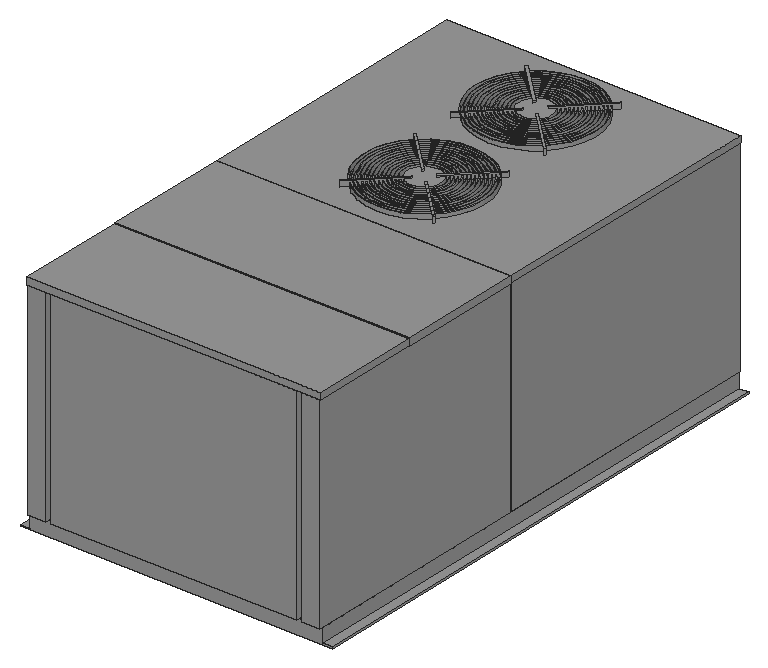
Revit family "CU-4", category Mechanical Equipment, host Face, Revit 2025
Family settings
  Host = Face
  Round Connector Dimension = Use Diameter
  Classification = None
  Part Type = Normal
  Cut with Voids When Loaded = No
  Maintain Annotation Orientation = No
  Shared = No
  Room Calculation Point = No
Parameters (values of type "MAC8X")
  x = 18.000"
  Width = 44.160"
  URL = "https://assets.heatcraftrpd.com/literature/installation-and-operation-manual/other/current/H-IM-67H.pdf"
  Model = "MAC 8X"
  Material = Aluminum 1100-O
  Manufacturer = "BOHN"
  Length = 78.780"
  Grill Material = Steel, Paint Finish, Dark Gray
  Default Elevation = 48.000"
Reference planes (in)
  plane 1 "Center (Front/Back)": y = 0
  plane 2: z = 0
  plane 3 "Center (Left/Right)": x = 0
  plane 4: z = 33.19
  plane 5: y = -3.63
  plane 6: z = 34.19
  plane 7: y = -22.93
  plane 8: y = 37.65625
  plane 9: x = -42.34375
  plane 10: x = -41.03125
  plane 11: x = -31.02125
  plane 12: x = -31.52125
  plane 13: x = -32.02125
  plane 14: x = -32.52125
  plane 15: x = -33.02125
  plane 16: x = -33.52125
  plane 17: x = -34.02125
  plane 18: x = -34.52125
  plane 19: x = -35.02125
  plane 20: x = -35.52125
  plane 21: x = -36.02125
  plane 22: x = -36.52125
  plane 23: x = -37.02125
  plane 24: x = -14.71875
  plane 25: x = -16.03125
  plane 26: y = 51.46875
  plane 27: y = 50.15625
  plane 28: y = 23.84375
  plane 29: y = 25.15625
  plane 30: x = -28.53125
  plane 31: through (0, 28.57, 48) normal (0.7071, 0.7071, 0)
  plane 32: through (-8.71898, 39.38485, 90.315) normal (0.7071, -0.7071, 0)
  plane 33: through (-8.83883, 37.40883, 90.315) normal (-0.7071, 0.7071, 0)
  plane 34: through (-1.7607, 30.3307, 48) normal (-0.7071, 0.7071, 0)
  plane 35: through (-2.11425, 30.68425, 48) normal (-0.7071, 0.7071, 0)
  plane 36: through (-2.4678, 31.0378, 48) normal (-0.7071, 0.7071, 0)
  plane 37: through (-2.82136, 31.39136, 48) normal (-0.7071, 0.7071, 0)
  plane 38: through (-3.17491, 31.74491, 48) normal (-0.7071, 0.7071, 0)
  plane 39: through (-3.52846, 32.09846, 48) normal (-0.7071, 0.7071, 0)
  plane 40: through (-3.88202, 32.45202, 48) normal (-0.7071, 0.7071, 0)
  plane 41: through (-4.23557, 32.80557, 48) normal (-0.7071, 0.7071, 0)
  plane 42: through (-4.58912, 33.15912, 48) normal (-0.7071, 0.7071, 0)
  plane 43: through (-4.94268, 33.51268, 48) normal (-0.7071, 0.7071, 0)
  plane 44: through (-5.29623, 33.86623, 48) normal (-0.7071, 0.7071, 0)
  plane 45: through (-5.64978, 34.21978, 48) normal (-0.7071, 0.7071, 0)
  plane 46: through (-6.00334, 34.57334, 48) normal (-0.7071, 0.7071, 0)
  plane 47: through (10.81485, 19.85102, 90.315) normal (0.7071, -0.7071, 0)
  plane 48: through (8.83883, 19.73117, 90.315) normal (-0.7071, 0.7071, 0)
  plane 49: through (8.71898, 39.38485, 90.315) normal (0.7071, 0.7071, 0)
  plane 50: through (8.83883, 37.40883, 90.315) normal (-0.7071, -0.7071, 0)
  plane 51: through (-10.81485, 19.85102, 90.315) normal (0.7071, 0.7071, 0)
  plane 52: through (-8.83883, 19.73117, 90.315) normal (-0.7071, -0.7071, 0)
  plane 53: through (7.07107, 35.64107, 48) normal (0.7071, -0.7071, 0)
  plane 54: through (0, 7.65693, 48) normal (0.7071, 0.7071, 0)
  plane 55: through (-8.71898, 18.47178, 90.315) normal (0.7071, -0.7071, 0)
  plane 56: through (-8.83883, 16.49577, 90.315) normal (-0.7071, 0.7071, 0)
  plane 57: through (-1.7607, 9.41763, 48) normal (-0.7071, 0.7071, 0)
  plane 58: through (-2.11425, 9.77118, 48) normal (-0.7071, 0.7071, 0)
  plane 59: through (-2.4678, 10.12474, 48) normal (-0.7071, 0.7071, 0)
  plane 60: through (-2.82136, 10.47829, 48) normal (-0.7071, 0.7071, 0)
  plane 61: through (-3.17491, 10.83184, 48) normal (-0.7071, 0.7071, 0)
  plane 62: through (-3.52846, 11.1854, 48) normal (-0.7071, 0.7071, 0)
  plane 63: through (-3.88202, 11.53895, 48) normal (-0.7071, 0.7071, 0)
  plane 64: through (-4.23557, 11.8925, 48) normal (-0.7071, 0.7071, 0)
  plane 65: through (-4.58912, 12.24606, 48) normal (-0.7071, 0.7071, 0)
  plane 66: through (-4.94268, 12.59961, 48) normal (-0.7071, 0.7071, 0)
  plane 67: through (-5.29623, 12.95316, 48) normal (-0.7071, 0.7071, 0)
  plane 68: through (-5.64978, 13.30672, 48) normal (-0.7071, 0.7071, 0)
  plane 69: through (-6.00334, 13.66027, 48) normal (-0.7071, 0.7071, 0)
  plane 70: through (10.81485, -1.06204, 90.315) normal (0.7071, -0.7071, 0)
  plane 71: through (8.83883, -1.1819, 90.315) normal (-0.7071, 0.7071, 0)
  plane 72: through (8.71898, 18.47178, 90.315) normal (0.7071, 0.7071, 0)
  plane 73: through (8.83883, 16.49577, 90.315) normal (-0.7071, -0.7071, 0)
  plane 74: through (-10.81485, -1.06204, 90.315) normal (0.7071, 0.7071, 0)
  plane 75: through (-8.83883, -1.1819, 90.315) normal (-0.7071, -0.7071, 0)
  plane 76: through (7.07107, 14.728, 48) normal (0.7071, -0.7071, 0)
  plane 77: y = 0
Forms (in)
  Extrusion 1, solid, material "Aluminum 1100-O" <- "Material"
    sketch origin (0, 0, 0) x (1, 0, 0) y (0, 0, 1)
      loop
        line (21.93, 2.3) -> (-21.93, 2.3) -> (-21.93, 0.2) -> (-23.43, 0.2) -> (-23.43, 0) -> (23.43, 0) -> (23.43, 0.2) -> (21.93, 0.2) -> (21.93, 2.3)
    from -39.19 to 38.89
  Extrusion 2, solid, material "Aluminum 1100-O" <- "Material"
    sketch origin (-11, 0, 0) x (1, 0, 0) y (0, 1, 0)
      loop
        line (-8.23, -3.63) -> (-10.93, -3.63) -> (-10.93, -39.39) -> (-8.23, -39.39) -> (-8.23, -3.63)
    from 2.3 to 33.19
  Extrusion 3, solid, material "Aluminum 1100-O" <- "Material"
    sketch origin (30.16, 0, 0) x (1, 0, 0) y (0, 1, 0)
      loop
        line (-8.23, -3.63) -> (-10.93, -3.63) -> (-10.93, -39.39) -> (-8.23, -39.39) -> (-8.23, -3.63)
    from 2.3 to 33.19
  Extrusion 4, solid, material "Aluminum 1100-O" <- "Material"
    sketch origin (4, 46.5, 0) x (1, 0, 0) y (0, 1, 0)
      loop
        line (14.5, -7.11) -> (-22.5, -7.11) -> (-22.5, -85.89) -> (14.5, -85.89) -> (14.5, -7.11)
    from 2.3 to 33.19
  Extrusion 5, solid, material "Aluminum 1100-O" <- "Material"
    sketch origin (30.16, 43.25, 0) x (1, 0, 0) y (0, 1, 0)
      loop
        line (-8.23, -3.86) -> (-10.93, -3.86) -> (-10.93, -46.49146) -> (-8.23, -46.49146) -> (-8.23, -3.86)
    from 2.3 to 33.19
  Extrusion 6, solid, material "Aluminum 1100-O" <- "Material"
    sketch origin (-11.09, 43.25, 0) x (1, 0, 0) y (0, 1, 0)
      loop
        line (-8.14, -3.86) -> (-10.84, -3.86) -> (-10.84, -46.49146) -> (-8.14, -46.49146) -> (-8.14, -3.86)
    from 2.3 to 33.19
  Extrusion 7, solid, material "Aluminum 1100-O" <- "Material"
    sketch origin (0, 0, 0) x (1, 0, 0) y (0, 1, 0)
      loop
        line (-22.08, 39.39) -> (-22.08, -3.63) -> (22.08, -3.63) -> (22.08, 39.39) -> (-22.08, 39.39)
    from 33.19 to 34.19
  Extrusion 8, solid, material "Aluminum 1100-O" <- "Material"
    sketch origin (0, -43.02, 0) x (1, 0, 0) y (0, 1, 0)
      loop
        line (-22.08, 20.09) -> (-22.08, 3.63) -> (22.08, 3.63) -> (22.08, 20.09) -> (-22.08, 20.09)
    from 33.19 to 34.19
  Extrusion 9, solid, material "Steel, Paint Finish, Dark Gray" <- "Grill Material", not visible
    sketch origin (0, 0, 54.625) x (1, 0, 0) y (0, 1, 0)
      loop
        circle (-28.53125, 37.65625) r 2.49
      loop
        circle (-28.53125, 37.65625) r 3
      loop
        circle (-28.53125, 37.65625) r 3.49
      loop
        circle (-28.53125, 37.65625) r 3.99
      loop
        circle (-28.53125, 37.65625) r 4.49
      loop
        circle (-28.53125, 37.65625) r 4.99
      loop
        circle (-28.53125, 37.65625) r 5.49
      loop
        circle (-28.53125, 37.65625) r 5.99
      loop
        circle (-28.53125, 37.65625) r 6.49
      loop
        circle (-28.53125, 37.65625) r 6.99
      loop
        circle (-28.53125, 37.65625) r 7.49
      loop
        circle (-28.53125, 37.65625) r 7.99
      loop
        circle (-28.53125, 37.65625) r 8.49
      loop
        circle (-28.53125, 37.65625) r 8.99
      loop
        circle (-28.53125, 37.65625) r 3.43
      loop
        circle (-28.53125, 37.65625) r 3.93
      loop
        circle (-28.53125, 37.65625) r 4.43
      loop
        circle (-28.53125, 37.65625) r 4.93
      loop
        circle (-28.53125, 37.65625) r 5.43
      loop
        circle (-28.53125, 37.65625) r 5.93
      loop
        circle (-28.53125, 37.65625) r 6.43
      loop
        circle (-28.53125, 37.65625) r 6.93
      loop
        circle (-28.53125, 37.65625) r 7.43
      loop
        circle (-28.53125, 37.65625) r 7.93
      loop
        circle (-28.53125, 37.65625) r 8.43
      loop
        circle (-28.53125, 37.65625) r 8.93
      loop
        circle (-28.53125, 37.65625) r 2.94
    from 0 to 0.625
  Extrusion 10, solid, material "Steel, Paint Finish, Dark Gray" <- "Grill Material", not visible
    sketch origin (0, 0, 55.75) x (1, 0, 0) y (0, 1, 0)
      loop
        line (-38.53125, 37.78125) -> (-38.53125, 37.53125) -> (-30.02125, 37.53125) -> (-30.02125, 37.78125) -> (-38.53125, 37.78125)
    from -1.125 to -0.3427
  Extrusion 11, solid, material "Steel, Paint Finish, Dark Gray" <- "Grill Material", not visible
    sketch origin (-57.0625, 0, 55.75) x (-1, 0, 0) y (0, -1, 0)
      loop
        line (-38.53125, -37.78125) -> (-30.02125, -37.78125) -> (-30.02125, -37.53125) -> (-38.53125, -37.53125) -> (-38.53125, -37.78125)
    from -1.125 to -0.3427
  Extrusion 12, solid, material "Steel, Paint Finish, Dark Gray" <- "Grill Material", not visible
    sketch origin (9.125, 9.125, 55.75) x (0, -1, 0) y (1, 0, 0)
      loop
        line (-38.53125, -37.78125) -> (-30.02125, -37.78125) -> (-30.02125, -37.53125) -> (-38.53125, -37.53125) -> (-38.53125, -37.78125)
    from -1.125 to -0.3427
  Extrusion 13, solid, material "Steel, Paint Finish, Dark Gray" <- "Grill Material", not visible
    sketch origin (9.125, 66.1875, 55.75) x (0, 1, 0) y (-1, 0, 0)
      loop
        line (-38.53125, 37.78125) -> (-38.53125, 37.53125) -> (-30.02125, 37.53125) -> (-30.02125, 37.78125) -> (-38.53125, 37.78125)
    from -1.125 to -0.3427
  Extrusion 14, solid, material "Steel, Paint Finish, Dark Gray" <- "Grill Material"
    sketch origin (-6.45235, -18.23163, 34.19) x (0.707107, -0.707107, 0) y (0.707107, 0.707107, 0)
      loop
        circle (-28.53125, 37.65625) r 2.49
      loop
        circle (-28.53125, 37.65625) r 3
      loop
        circle (-28.53125, 37.65625) r 3.49
      loop
        circle (-28.53125, 37.65625) r 3.99
      loop
        circle (-28.53125, 37.65625) r 4.49
      loop
        circle (-28.53125, 37.65625) r 4.99
      loop
        circle (-28.53125, 37.65625) r 5.49
      loop
        circle (-28.53125, 37.65625) r 5.99
      loop
        circle (-28.53125, 37.65625) r 6.49
      loop
        circle (-28.53125, 37.65625) r 6.99
      loop
        circle (-28.53125, 37.65625) r 7.49
      loop
        circle (-28.53125, 37.65625) r 7.99
      loop
        circle (-28.53125, 37.65625) r 8.49
      loop
        circle (-28.53125, 37.65625) r 8.99
      loop
        circle (-28.53125, 37.65625) r 3.43
      loop
        circle (-28.53125, 37.65625) r 3.93
      loop
        circle (-28.53125, 37.65625) r 4.43
      loop
        circle (-28.53125, 37.65625) r 4.93
      loop
        circle (-28.53125, 37.65625) r 5.43
      loop
        circle (-28.53125, 37.65625) r 5.93
      loop
        circle (-28.53125, 37.65625) r 6.43
      loop
        circle (-28.53125, 37.65625) r 6.93
      loop
        circle (-28.53125, 37.65625) r 7.43
      loop
        circle (-28.53125, 37.65625) r 7.93
      loop
        circle (-28.53125, 37.65625) r 8.43
      loop
        circle (-28.53125, 37.65625) r 8.93
      loop
        circle (-28.53125, 37.65625) r 2.94
    from 0 to 0.625
  Extrusion 15, solid, material "Steel, Paint Finish, Dark Gray" <- "Grill Material"
    sketch origin (-6.45235, -18.23163, 35.315) x (0.707107, -0.707107, 0) y (0.707107, 0.707107, 0)
      loop
        line (-38.53125, 37.78125) -> (-38.53125, 37.53125) -> (-30.02125, 37.53125) -> (-30.02125, 37.78125) -> (-38.53125, 37.78125)
    from -1.125 to -0.3427
  Extrusion 16, solid, material "Steel, Paint Finish, Dark Gray" <- "Grill Material"
    sketch origin (-46.80163, 22.11765, 35.315) x (-0.707107, 0.707107, 0) y (-0.707107, -0.707107, 0)
      loop
        line (-38.53125, -37.78125) -> (-30.02125, -37.78125) -> (-30.02125, -37.53125) -> (-38.53125, -37.53125) -> (-38.53125, -37.78125)
    from -1.125 to -0.3427
  Extrusion 17, solid, material "Steel, Paint Finish, Dark Gray" <- "Grill Material"
    sketch origin (6.45235, -18.23163, 35.315) x (-0.707107, -0.707107, 0) y (0.707107, -0.707107, 0)
      loop
        line (-38.53125, -37.78125) -> (-30.02125, -37.78125) -> (-30.02125, -37.53125) -> (-38.53125, -37.53125) -> (-38.53125, -37.78125)
    from -1.125 to -0.3427
  Extrusion 18, solid, material "Steel, Paint Finish, Dark Gray" <- "Grill Material"
    sketch origin (46.80163, 22.11765, 35.315) x (0.707107, 0.707107, 0) y (-0.707107, 0.707107, 0)
      loop
        line (-38.53125, 37.78125) -> (-38.53125, 37.53125) -> (-30.02125, 37.53125) -> (-30.02125, 37.78125) -> (-38.53125, 37.78125)
    from -1.125 to -0.3427
  Extrusion 19, solid, material "Steel, Paint Finish, Dark Gray" <- "Grill Material"
    sketch origin (-6.45235, -39.1447, 34.19) x (0.707107, -0.707107, 0) y (0.707107, 0.707107, 0)
      loop
        circle (-28.53125, 37.65625) r 2.49
      loop
        circle (-28.53125, 37.65625) r 3
      loop
        circle (-28.53125, 37.65625) r 3.49
      loop
        circle (-28.53125, 37.65625) r 3.99
      loop
        circle (-28.53125, 37.65625) r 4.49
      loop
        circle (-28.53125, 37.65625) r 4.99
      loop
        circle (-28.53125, 37.65625) r 5.49
      loop
        circle (-28.53125, 37.65625) r 5.99
      loop
        circle (-28.53125, 37.65625) r 6.49
      loop
        circle (-28.53125, 37.65625) r 6.99
      loop
        circle (-28.53125, 37.65625) r 7.49
      loop
        circle (-28.53125, 37.65625) r 7.99
      loop
        circle (-28.53125, 37.65625) r 8.49
      loop
        circle (-28.53125, 37.65625) r 8.99
      loop
        circle (-28.53125, 37.65625) r 3.43
      loop
        circle (-28.53125, 37.65625) r 3.93
      loop
        circle (-28.53125, 37.65625) r 4.43
      loop
        circle (-28.53125, 37.65625) r 4.93
      loop
        circle (-28.53125, 37.65625) r 5.43
      loop
        circle (-28.53125, 37.65625) r 5.93
      loop
        circle (-28.53125, 37.65625) r 6.43
      loop
        circle (-28.53125, 37.65625) r 6.93
      loop
        circle (-28.53125, 37.65625) r 7.43
      loop
        circle (-28.53125, 37.65625) r 7.93
      loop
        circle (-28.53125, 37.65625) r 8.43
      loop
        circle (-28.53125, 37.65625) r 8.93
      loop
        circle (-28.53125, 37.65625) r 2.94
    from 0 to 0.625
  Extrusion 20, solid, material "Steel, Paint Finish, Dark Gray" <- "Grill Material"
    sketch origin (-6.45235, -39.1447, 35.315) x (0.707107, -0.707107, 0) y (0.707107, 0.707107, 0)
      loop
        line (-38.53125, 37.78125) -> (-38.53125, 37.53125) -> (-30.02125, 37.53125) -> (-30.02125, 37.78125) -> (-38.53125, 37.78125)
    from -1.125 to -0.3427
  Extrusion 21, solid, material "Steel, Paint Finish, Dark Gray" <- "Grill Material"
    sketch origin (-46.80163, 1.20459, 35.315) x (-0.707107, 0.707107, 0) y (-0.707107, -0.707107, 0)
      loop
        line (-38.53125, -37.78125) -> (-30.02125, -37.78125) -> (-30.02125, -37.53125) -> (-38.53125, -37.53125) -> (-38.53125, -37.78125)
    from -1.125 to -0.3427
  Extrusion 22, solid, material "Steel, Paint Finish, Dark Gray" <- "Grill Material"
    sketch origin (6.45235, -39.1447, 35.315) x (-0.707107, -0.707107, 0) y (0.707107, -0.707107, 0)
      loop
        line (-38.53125, -37.78125) -> (-30.02125, -37.78125) -> (-30.02125, -37.53125) -> (-38.53125, -37.53125) -> (-38.53125, -37.78125)
    from -1.125 to -0.3427
  Extrusion 23, solid, material "Steel, Paint Finish, Dark Gray" <- "Grill Material"
    sketch origin (46.80163, 1.20459, 35.315) x (0.707107, 0.707107, 0) y (-0.707107, 0.707107, 0)
      loop
        line (-38.53125, 37.78125) -> (-38.53125, 37.53125) -> (-30.02125, 37.53125) -> (-30.02125, 37.78125) -> (-38.53125, 37.78125)
    from -1.125 to -0.3427
  Extrusion 24, solid, material "Aluminum 1100-O" <- "Material"
    sketch origin (-2.7, -26.56, 0) x (1, 0, 0) y (0, 1, 0)
      loop
        line (-19.38, 22.80369) -> (-19.38, 3.80802) -> (24.78, 3.80802) -> (24.78, 22.80369) -> (-19.38, 22.80369)
    from 33.19 to 34.19
  Extrusion 25, void
    sketch origin (0, 0, 0) x (1, 0, 0) y (0, 1, 0)
      loop
        circle (0, 28.57) r 8.99
      loop
        circle (0, 7.65693) r 8.99
    from 24.81227 to 34.19
Cuts and joins
  Extrusion 25 cuts Extrusion 1
  Extrusion 25 cuts Extrusion 4
  Extrusion 25 cuts Extrusion 8
  Extrusion 25 cuts Extrusion 24
  Extrusion 25 cuts Extrusion 7
Dimensions and locks (in)
  equal spacing: Extrusion 1 sketch curve, plane 3 "Center (Left/Right)", Extrusion 1 sketch curve
  Extrusion 1 sketch curve to Extrusion 1 sketch curve = 46.860"
  plane 4 to level = 33.190"
  Extrusion 4 sketch curve to Extrusion 4 sketch curve = 37.000"  (x2)
  plane 7 to Extrusion 8 = 16.460"
  Extrusion 24 sketch curve to Extrusion 24 sketch curve = 44.160"
  "Width": Extrusion 24 sketch curve to Extrusion 24 sketch curve
  aligned and locked: plane 2 to host face
  aligned and locked: level to host face
Automatic sketch dimensions
  Extrusion 9 sketch curve to Extrusion 9 sketch curve = 0.000"  (x702)
  Extrusion 9 sketch curve to plane 8 = 0.000"
  Extrusion 9 sketch curve to plane 11 = 2.490"
  plane 8 to Extrusion 10 sketch curve = 0.125"
  Extrusion 10 sketch curve to plane 10 = 2.500"
  Extrusion 10 sketch curve to plane 8 = 0.125"
  Extrusion 10 sketch curve to Extrusion 10 sketch curve = 8.510"
  Extrusion 14 sketch curve to Extrusion 14 sketch curve = 0.000"  (x702)
  Extrusion 14 sketch curve to plane 31 = 0.000"
  Extrusion 14 sketch curve to plane 34 = 2.490"
  plane 31 to Extrusion 15 sketch curve = 0.125"
  Extrusion 15 sketch curve to plane 33 = 2.500"
  Extrusion 15 sketch curve to plane 31 = 0.125"
  Extrusion 15 sketch curve to Extrusion 15 sketch curve = 8.510"
  plane 31 to Extrusion 16 sketch curve = 0.125"
  Extrusion 16 sketch curve to plane 48 = 2.500"
  Extrusion 16 sketch curve to plane 31 = 0.125"
  Extrusion 16 sketch curve to Extrusion 16 sketch curve = 8.510"
  Extrusion 17 sketch curve to plane 50 = 2.500"
  plane 31 to Extrusion 17 sketch curve = 1.490"
  Extrusion 17 sketch curve to Extrusion 17 sketch curve = 0.250"
  Extrusion 18 sketch curve to plane 52 = 2.500"
  Extrusion 18 sketch curve to plane 31 = 1.490"
  Extrusion 18 sketch curve to Extrusion 18 sketch curve = 0.250"
  Extrusion 19 sketch curve to Extrusion 19 sketch curve = 0.000"  (x702)
  Extrusion 19 sketch curve to plane 54 = 0.000"
  Extrusion 19 sketch curve to plane 57 = 2.490"
  plane 54 to Extrusion 20 sketch curve = 0.125"
  Extrusion 20 sketch curve to plane 56 = 2.500"
  Extrusion 20 sketch curve to plane 54 = 0.125"
  Extrusion 20 sketch curve to Extrusion 20 sketch curve = 8.510"
  plane 54 to Extrusion 21 sketch curve = 0.125"
  Extrusion 21 sketch curve to plane 71 = 2.500"
  Extrusion 21 sketch curve to plane 54 = 0.125"
  Extrusion 21 sketch curve to Extrusion 21 sketch curve = 8.510"
  Extrusion 22 sketch curve to plane 73 = 2.500"
  plane 54 to Extrusion 22 sketch curve = 1.490"
  Extrusion 22 sketch curve to Extrusion 22 sketch curve = 0.250"
  Extrusion 23 sketch curve to plane 75 = 2.500"
  Extrusion 23 sketch curve to plane 54 = 1.490"
  Extrusion 23 sketch curve to Extrusion 23 sketch curve = 0.250"
  host sketch curve to host sketch curve = 96.000"  (x2)
  Extrusion 1 sketch curve to level = 0.000"
  level to Extrusion 1 sketch curve = 0.200"  (x2)
  Extrusion 1 sketch curve to Extrusion 1 sketch curve = 1.500"  (x2)
  Extrusion 1 sketch curve to Extrusion 1 sketch curve = 2.100"
  Extrusion 2 sketch curve to plane 5 = 0.000"
  Extrusion 2 sketch curve to plane 3 "Center (Left/Right)" = 21.930"
  Extrusion 2 sketch curve to Extrusion 2 sketch curve = 2.700"
  Extrusion 2 sketch curve to plane 7 = 16.460"
  Extrusion 3 sketch curve to plane 5 = 0.000"
  plane 3 "Center (Left/Right)" to Extrusion 3 sketch curve = 19.230"
  Extrusion 3 sketch curve to Extrusion 3 sketch curve = 2.700"
  Extrusion 3 sketch curve to plane 7 = 16.460"
  Extrusion 4 sketch curve to plane 3 "Center (Left/Right)" = 18.500"
  Extrusion 4 sketch curve to plane 7 = 16.460"
  Extrusion 4 sketch curve to plane 1 "Center (Front/Back)" = 39.390"
  plane 3 "Center (Left/Right)" to Extrusion 5 sketch curve = 19.230"
  plane 5 to Extrusion 5 sketch curve = 0.38854"
  Extrusion 5 sketch curve to Extrusion 5 sketch curve = 2.700"
  Extrusion 5 sketch curve to plane 1 "Center (Front/Back)" = 39.390"
  Extrusion 6 sketch curve to plane 3 "Center (Left/Right)" = 21.930"
  plane 5 to Extrusion 6 sketch curve = 0.38854"
  Extrusion 6 sketch curve to Extrusion 6 sketch curve = 2.700"
  Extrusion 6 sketch curve to plane 1 "Center (Front/Back)" = 39.390"
  Extrusion 8 sketch curve to plane 7 = 0.000"
  Extrusion 8 sketch curve to plane 7 = 16.460"
  Extrusion 8 sketch curve to plane 3 "Center (Left/Right)" = 22.080"
  plane 3 "Center (Left/Right)" to Extrusion 8 sketch curve = 22.080"
  Extrusion 7 sketch curve to plane 5 = 0.000"
  Extrusion 7 sketch curve to plane 1 "Center (Front/Back)" = 39.390"
  Extrusion 7 sketch curve to plane 3 "Center (Left/Right)" = 22.080"
  plane 3 "Center (Left/Right)" to Extrusion 7 sketch curve = 22.080"
  Extrusion 25 sketch curve to plane 3 "Center (Left/Right)" = 0.000"  (x2)
  Extrusion 25 sketch curve to plane 54 = 0.000"
  Extrusion 25 sketch curve to plane 31 = 0.000"
  plane 7 to Extrusion 24 sketch curve = 0.17802"
  Extrusion 24 sketch curve to plane 3 "Center (Left/Right)" = 22.080"
  Extrusion 24 sketch curve to plane 5 = 0.12631"
  radius of Extrusion 9 sketch curve = 2.490"
  radius of Extrusion 9 sketch curve = 3.000"
  radius of Extrusion 9 sketch curve = 3.490"
  radius of Extrusion 9 sketch curve = 3.990"
  radius of Extrusion 9 sketch curve = 4.490"
  radius of Extrusion 9 sketch curve = 4.990"
  radius of Extrusion 9 sketch curve = 5.490"
  radius of Extrusion 9 sketch curve = 5.990"
  radius of Extrusion 9 sketch curve = 6.490"
  radius of Extrusion 9 sketch curve = 6.990"
  radius of Extrusion 9 sketch curve = 7.490"
  radius of Extrusion 9 sketch curve = 7.990"
  radius of Extrusion 9 sketch curve = 8.490"
  radius of Extrusion 9 sketch curve = 8.990"
  radius of Extrusion 9 sketch curve = 3.430"
  radius of Extrusion 9 sketch curve = 3.930"
  radius of Extrusion 9 sketch curve = 4.430"
  radius of Extrusion 9 sketch curve = 4.930"
  radius of Extrusion 9 sketch curve = 5.430"
  radius of Extrusion 9 sketch curve = 5.930"
  radius of Extrusion 9 sketch curve = 6.430"
  radius of Extrusion 9 sketch curve = 6.930"
  radius of Extrusion 9 sketch curve = 7.430"
  radius of Extrusion 9 sketch curve = 7.930"
  radius of Extrusion 9 sketch curve = 8.430"
  radius of Extrusion 9 sketch curve = 8.930"
  radius of Extrusion 9 sketch curve = 2.940"
  radius of Extrusion 14 sketch curve = 2.490"
  radius of Extrusion 14 sketch curve = 3.000"
  radius of Extrusion 14 sketch curve = 3.490"
  radius of Extrusion 14 sketch curve = 3.990"
  radius of Extrusion 14 sketch curve = 4.490"
  radius of Extrusion 14 sketch curve = 4.990"
  radius of Extrusion 14 sketch curve = 5.490"
  radius of Extrusion 14 sketch curve = 5.990"
  radius of Extrusion 14 sketch curve = 6.490"
  radius of Extrusion 14 sketch curve = 6.990"
  radius of Extrusion 14 sketch curve = 7.490"
  radius of Extrusion 14 sketch curve = 7.990"
  radius of Extrusion 14 sketch curve = 8.490"
  radius of Extrusion 14 sketch curve = 8.990"
  radius of Extrusion 14 sketch curve = 3.430"
  radius of Extrusion 14 sketch curve = 3.930"
  radius of Extrusion 14 sketch curve = 4.430"
  radius of Extrusion 14 sketch curve = 4.930"
  radius of Extrusion 14 sketch curve = 5.430"
  radius of Extrusion 14 sketch curve = 5.930"
  radius of Extrusion 14 sketch curve = 6.430"
  radius of Extrusion 14 sketch curve = 6.930"
  radius of Extrusion 14 sketch curve = 7.430"
  radius of Extrusion 14 sketch curve = 7.930"
  radius of Extrusion 14 sketch curve = 8.430"
  radius of Extrusion 14 sketch curve = 8.930"
  radius of Extrusion 14 sketch curve = 2.940"
  radius of Extrusion 19 sketch curve = 2.490"
  radius of Extrusion 19 sketch curve = 3.000"
  radius of Extrusion 19 sketch curve = 3.490"
  radius of Extrusion 19 sketch curve = 3.990"
  radius of Extrusion 19 sketch curve = 4.490"
  radius of Extrusion 19 sketch curve = 4.990"
  radius of Extrusion 19 sketch curve = 5.490"
  radius of Extrusion 19 sketch curve = 5.990"
  radius of Extrusion 19 sketch curve = 6.490"
  radius of Extrusion 19 sketch curve = 6.990"
  radius of Extrusion 19 sketch curve = 7.490"
  radius of Extrusion 19 sketch curve = 7.990"
  radius of Extrusion 19 sketch curve = 8.490"
  radius of Extrusion 19 sketch curve = 8.990"
  radius of Extrusion 19 sketch curve = 3.430"
  radius of Extrusion 19 sketch curve = 3.930"
  radius of Extrusion 19 sketch curve = 4.430"
  radius of Extrusion 19 sketch curve = 4.930"
  radius of Extrusion 19 sketch curve = 5.430"
  radius of Extrusion 19 sketch curve = 5.930"
  radius of Extrusion 19 sketch curve = 6.430"
  radius of Extrusion 19 sketch curve = 6.930"
  radius of Extrusion 19 sketch curve = 7.430"
  radius of Extrusion 19 sketch curve = 7.930"
  radius of Extrusion 19 sketch curve = 8.430"
  radius of Extrusion 19 sketch curve = 8.930"
  radius of Extrusion 19 sketch curve = 2.940"
  radius of Extrusion 25 sketch curve = 8.990"  (x2)
